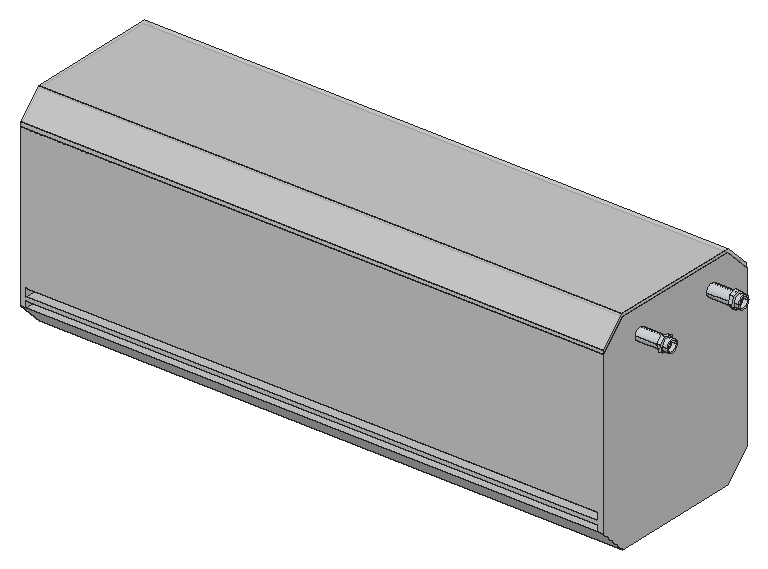
Revit family "Air-Curtain_Climate-Control_PoweredAire_ECE-ST", category Mechanical Equipment, host Face, Revit 2023
Family settings
  Host = Face
  Round Connector Dimension = Use Diameter
  Part Type = Normal
  OmniClass Number = 23.75.35.17.21
  OmniClass Title = Air Curtains
  Cut with Voids When Loaded = No
  Maintain Annotation Orientation = No
  Shared = No
  Room Calculation Point = No
Parameters
  upperrotation [instance] = if(Upper Pipe Connection Side A, 0.00°, 180.00°)  # 0.00°
  lowerrotation [instance] = if(Lower Pipe Connection Side A, 0.00°, 180.00°)  # 0.00°
  locateupperpipe [instance] = if(Upper Pipe Connection Side A, 0.00", Nozzle Width)  # 0.00"
  locatelowerpipe [instance] = if(Lower Pipe Connection Side A, 0.00", Nozzle Width)  # 0.00"
  Upper Pipe Connection Side A [instance] = yes
  Unit Width Notes = "Other Widths available."  # constant formula
  Unit Width = 49.00"
  Unit Weight = 0
  Unit Height = 15.00"
  Unit Depth [instance] = if(Include Filters, 25.875", 23.75")  # 23.75"
  Unit  depth [instance] = 17.50"
  URL = "http://www.poweredaire.com/"
  Specification = ""
  Projection from Host [instance] = 2.00"
  Product Page URL = "https://www.arcat.com/company/powered-aire-inc-47623"
  Power Rating = 0 W
  Piping_Water Flow [instance] = 0 GPM
  Piping_Operating Pressure [instance] = 0.00 psi
  Piping_Exit Temperature [instance] = 0 °F
  Piping_Entry Temperature [instance] = 0 °F
  Pipe OD [instance] = 5/8"
  Nozzle Width = if(1 = 1, Unit Width - 3.00", 0.00")  # 46.00"
  Mounting Width = if(1 = 1, Unit Width - 1.50", 0.00")  # 47.50"
  Mounting Height [instance] = 55.00"
  Motor RPM = 0
  Motor HP = 0
  Motor Count = 0
  Model = "ECE ST"
  Max Height = 0.00"
  Manufacturer = "Powered Aire, Inc"
  Lower Pipe Connection Side A [instance] = yes
  Keynote = "23 34 33"
  Include Filters [instance] = no
  Include Clearance [instance] = yes
  Heating Element Load = 0 W
  HVAC_Temperature Rise [instance] = 0 °F
  HVAC_Outlet Volume [instance] = 0 CFM
  HVAC_Outlet Velocity Uniformity = 0
  HVAC_Outlet Velocity [instance] = 0 FPM
  HVAC_BTU Input = 0.0 Btu/h
  Front Grating Material [instance] = Metal - Steel - PoweredAire - Stainless 304 Perforated
  Frame Finish [instance] = Metal - Steel - PoweredAire - Stainless 304
  Electrical_Wattage [instance] = Power Rating + Heating Element Load  # 0 W
  Electrical_Voltage [instance] = 0 V
  Electrical_Phase [instance] = 1
  Electrical_Frequency [instance] = 0 Hz
  Electrical_Amperage [instance] = 0 A
  Description = ""
  Default Elevation = 0.00"  # constant formula
  Copyright = "©Arcat Inc."
  Clearance_Top [instance] = 20.50"
  Clearance_Side B [instance] = 11.875"
  Clearance_Side A [instance] = 11.875"
  Clearance_Intake [instance] = 8.75"
  Clearance_Bottom [instance] = 12.00"
  Clearance Material [instance] = ARCAT Clearance
  CAD Details = ""
  Assembly Code = "D3090400"
Reference planes (in)
  plane 1 "Center (Elevation)": y = 13.13818
  plane 2: z = 0
  plane 3 "Center (Left/Right)": x = 0
  plane 4 "FF": y = -41.86182
  plane 5: z = 2
  plane 6: x = 24.5
  plane 7: x = -24.5
  plane 8: z = 19.5
  plane 9: z = 17.5
  plane 10: z = 4
  plane 11: z = 11.00407
  plane 12: x = -24
  plane 13: x = 24
  plane 14: y = 20.63818
  plane 15: y = 5.63818
  plane 16: z = 0
Forms (in)
  Extrusion 1, solid, material "Metal - Steel - PoweredAire - Stainless 304" <- "Frame Finish"
    sketch origin (0, 0, 6.73006) x (0, 1, 0) y (0, 0, 1)
      loop
        line (5.63818, -2.73006) -> (7.63818, -4.73006) -> (18.63818, -4.73006) -> (20.63818, -2.73006) -> (20.63818, 10.76994) -> (18.63818, 12.76994) -> (7.63818, 12.76994) -> (5.63818, 10.76994) -> (5.63818, -2.73006)
    from -24.5 to 24.5
  Extrusion 2, void
    sketch origin (0, 0.875, 1) x (0, 1, 0) y (0, 0, 1)
      loop
        line (4.76318, 3) -> (5.76318, 3) -> (5.76318, 4.5) -> (4.76318, 4.5) -> (4.76318, 3.82425) -> (5.61636, 3.82425) -> (5.61636, 3.57425) -> (4.76318, 3.57425) -> (4.76318, 3)
    from -24 to 24
  Extrusion 3, solid
    sketch origin (0, 13.13818, 0) x (1, 0, 0) y (0, 0, 1)
      loop
        line (1.75, 15.38) -> (-1.75, 15.38)
        arc (-1.75, 15.38) -> (-1.92678, 15.30678) -> (-2, 15.13) r 0.25
        line (-2, 15.13) -> (-2, 11.63)
        arc (-2, 11.63) -> (-1.92678, 11.45322) -> (-1.75, 11.38) r 0.25
        line (-1.75, 11.38) -> (1.75, 11.38)
        arc (1.75, 11.38) -> (1.92678, 11.45322) -> (2, 11.63) r 0.25
        line (2, 11.63) -> (2, 15.13)
        arc (2, 15.13) -> (1.92678, 15.30678) -> (1.75, 15.38) r 0.25
    from -9.75 to -7.5
  Extrusion 4, solid, material "Metal - Steel - PoweredAire - Stainless 304 Perforated" <- "Front Grating Material"
    sketch origin (0, 0, 0) x (0, 1, 0) y (0, 0, 1)
      loop
        line (20.63818, 17.5) -> (20.63818, 17.83698) -> (18.73688, 19.73828) -> (7.53948, 19.73828) -> (5.63818, 17.83698) -> (5.63818, 17.5) -> (7.63818, 19.5) -> (18.63818, 19.5) -> (20.63818, 17.5)
    from -24.5 to 24.5
  Extrusion 5, solid
    sketch origin (0, 13.13818, 0) x (1, 0, 0) y (0, 0, 1)
      loop
        circle (1.8, 15.18) r 0.05
      loop
        circle (-1.8, 11.58) r 0.05
    from -9.79 to -9.75
  Extrusion 6, void
    sketch origin (0, 13.13818, 0) x (1, 0, 0) y (0, 0, 1)
      loop
        circle (24, 15.5) r 0.38
      loop
        circle (24, 6) r 0.38
      loop
        circle (-24, 6) r 0.38
      loop
        circle (-24, 15.5) r 0.38
    from -28.84517 to 2.26874
Cuts and joins
  Extrusion 2, Extrusion 6 cuts Extrusion 1
Dimensions and locks (in)
  equal spacing: plane 7, plane 3 "Center (Left/Right)", plane 6
  "Unit Width": plane 7 to plane 6
  locked: plane 7 to plane 12 at 0.5
  locked: plane 13 to plane 6 at 0.5
  equal spacing: plane 15, plane 1 "Center (Elevation)", plane 14
  "Unit Height": plane 15 to plane 14
  plane 14 to plane 1 "Center (Elevation)" to plane 15 = 7.50", 7.50"
  Extrusion 2 sketch curve to Extrusion 2 sketch curve to Extrusion 2 sketch curve to Extrusion 2 sketch curve = 0.67575" locked, 0.25" locked, 0.57425" locked
  locked: Extrusion 2 sketch curve to Extrusion 2 sketch curve at 0.14681
  plane 11 to cut or joined group of Extrusion 1, Extrusion 2, Extrusion 6 = 9.00407"
  locked: plane 14 to Extrusion 3 at 2.25  (x2)
  locked: Extrusion 1 sketch curve to plane 5 at 2  (x2)
  locked: Extrusion 3 sketch curve to Extrusion 3 sketch curve at 4  (x2)
  equal spacing: Extrusion 3 sketch curve, plane 3 "Center (Left/Right)", Extrusion 3 sketch curve
  locked: Extrusion 3 sketch curve to plane 9 at 2.12
  locked: plane 10 to plane 5 at 2
  locked: plane 14 to Extrusion 1 sketch curve at 2
  locked: Extrusion 1 sketch curve to plane 15 at 2
  locked: plane 8 to plane 9 at 2
  "Unit  depth": plane 8 to plane 5
  "Projection from Host": plane 5 to plane 16
  locked: Extrusion 4 sketch curve to cut or joined group of Extrusion 1, Extrusion 2, Extrusion 6 at 0.23828  (x3)
  locked: Extrusion 5 to Extrusion 3 at 0.04
  locked: nested 1 to plane 15 at 3.75027
  locked: nested 2 to plane 14 at 3.75027
  "Mounting Height": plane 1 "Center (Elevation)" to plane 4 "FF"
  aligned and locked: plane 2 to host face
  aligned and locked: level to host face
  aligned and locked: plane 10 to cut or joined group of Extrusion 1, Extrusion 2, Extrusion 6
  aligned and locked: cut or joined group of Extrusion 1, Extrusion 2, Extrusion 6 to plane 10  (x2)
  aligned and locked: plane 8 to cut or joined group of Extrusion 1, Extrusion 2, Extrusion 6
  aligned and locked: plane 9 to cut or joined group of Extrusion 1, Extrusion 2, Extrusion 6
  aligned and locked: cut or joined group of Extrusion 1, Extrusion 2, Extrusion 6 to plane 8
  aligned and locked: cut or joined group of Extrusion 1, Extrusion 2, Extrusion 6 to plane 5
  aligned and locked: host face to plane 16
  aligned and locked: cut or joined group of Extrusion 1, Extrusion 2, Extrusion 6 to plane 7
  aligned and locked: plane 6 to cut or joined group of Extrusion 1, Extrusion 2, Extrusion 6
  aligned and locked: cut or joined group of Extrusion 1, Extrusion 2, Extrusion 6 to plane 12
  aligned and locked: plane 13 to cut or joined group of Extrusion 1, Extrusion 2, Extrusion 6
  aligned and locked: Extrusion 4 sketch curve to plane 8
  aligned and locked: Extrusion 4 to cut or joined group of Extrusion 1, Extrusion 2, Extrusion 6  (x5)
  aligned and locked: plane 14 to Extrusion 3
  aligned and locked: Extrusion 5 to Extrusion 3
  aligned and locked: nested 1 to plane 6
Automatic sketch dimensions
  host sketch curve to host sketch curve = 96.00"  (x2)
  Extrusion 1 sketch curve to plane 15 = 0.00"
  plane 8 to Extrusion 1 sketch curve = 0.00"
  Extrusion 1 sketch curve to plane 5 = 0.00"
  Extrusion 1 sketch curve to plane 9 = 0.00"  (x2)
  plane 15 to Extrusion 1 sketch curve = 2.00"
  plane 14 to Extrusion 1 sketch curve = 2.00"
  plane 10 to Extrusion 2 sketch curve = 0.00"
  Extrusion 2 sketch curve to plane 15 = 0.00"  (x2)
  Extrusion 2 sketch curve to Extrusion 2 sketch curve = 0.85319"
  Extrusion 1 sketch curve to plane 14 = 0.00"
  Extrusion 4 sketch curve to plane 9 = 0.00"  (x2)
  Extrusion 4 sketch curve to plane 14 = 0.00"
  Extrusion 4 sketch curve to Extrusion 4 sketch curve = 0.0987"  (x2)
  Extrusion 4 sketch curve to plane 15 = 0.00"
  Extrusion 3 sketch curve to Extrusion 3 sketch curve = 0.25"  (x4)
  plane 11 to Extrusion 5 sketch curve = 0.57593"
  Extrusion 5 sketch curve to plane 3 "Center (Left/Right)" = 1.80"
  Extrusion 5 sketch curve to plane 9 = 2.32"
  plane 3 "Center (Left/Right)" to Extrusion 5 sketch curve = 1.80"
  Extrusion 6 sketch curve to plane 12 = 0.00"  (x2)
  Extrusion 6 sketch curve to plane 13 = 0.00"  (x2)
  Extrusion 6 sketch curve to plane 10 = 2.00"  (x2)
  Extrusion 6 sketch curve to plane 9 = 2.00"  (x2)
  radius of Extrusion 5 sketch curve = 0.05"  (x2)
  radius of Extrusion 6 sketch curve = 0.38"  (x4)
Nested families (in)
  nested 1: "Valve" at (24.5, 9.38845, 30.15595) x (0, 1, 0) z (1, 0, 0), type "Valve"
    with upperpiperotation 0.00°, lowerpiperotation 0.00°, locateupperpipe 0.00", locatelowerpipe 0.00", Upper Pipe Connection Side A yes, Projection from Host 4.00", Piping_Water Flow 0 GPM, Piping_Operating Pressure 0.00 psi, Piping_Exit Temperature 0 °F, Piping_Entry Temperature 0 °F, Pipe OD 5/8", Mounting Height 42.00", Lower Pipe Connection Side A yes, Include Clearance yes, Front Grating Material Metal - Steel - PoweredAire - White Perforated, Frame Finish Metal - Steel - PoweredAire - Stainless 304, Electrical_Wattage 0 W, Electrical_Voltage 0 V, Electrical_Phase 1, Electrical_Frequency 0 Hz, Electrical_Amperage 0 A, Cover Finish Metal - Steel - PoweredAire - White, Clearance_Top 0.00", Clearance_Side B 0.00", Clearance_Side A 0.00", Clearance_Intake 0.00", Clearance_Front 43.00", Clearance Material ARCAT Clearance
  nested 2: "Valve" at (24.5, 16.88791, 30.15595) x (0, -1, 0) z (1, 0, 0), type "Valve"
    with upperpiperotation 0.00°, lowerpiperotation 0.00°, locateupperpipe 0.00", locatelowerpipe 0.00", Upper Pipe Connection Side A yes, Projection from Host 4.00", Piping_Water Flow 0 GPM, Piping_Operating Pressure 0.00 psi, Piping_Exit Temperature 0 °F, Piping_Entry Temperature 0 °F, Pipe OD 5/8", Mounting Height 42.00", Lower Pipe Connection Side A yes, Include Clearance yes, Front Grating Material Metal - Steel - PoweredAire - White Perforated, Frame Finish Metal - Steel - PoweredAire - Stainless 304, Electrical_Wattage 0 W, Electrical_Voltage 0 V, Electrical_Phase 1, Electrical_Frequency 0 Hz, Electrical_Amperage 0 A, Cover Finish Metal - Steel - PoweredAire - White, Clearance_Top 0.00", Clearance_Side B 0.00", Clearance_Side A 0.00", Clearance_Intake 0.00", Clearance_Front 43.00", Clearance Material ARCAT Clearance
Definition of nested family "Valve"
  Parameters (values of type "Valve")
    upperpiperotation [instance] = if(Upper Pipe Connection Side A, 0.00°, 180.00°)  # 0.00°
    lowerpiperotation [instance] = if(Lower Pipe Connection Side A, 0.00°, 180.00°)  # 0.00°
    locateupperpipe [instance] = if(Upper Pipe Connection Side A, 0.00", Nozzle Width)  # 0.00"
    locatelowerpipe [instance] = if(Lower Pipe Connection Side A, 0.00", Nozzle Width)  # 0.00"
    Upper Pipe Connection Side A [instance] = yes
    Unit Width Notes = "Other Widths available."  # constant formula
    Unit Width = 73.00"
    Unit Weight = 0
    Unit Height = 15.00"
    Unit Depth = 17.00"
    URL = "http://www.poweredaire.com/"
    Specification = ""
    Projection from Host [instance] = 4.00"
    Product Page URL = "https://www.arcat.com/company/powered-aire-inc-47623"
    Power Rating = 0 W
    Piping_Water Flow [instance] = 0 GPM
    Piping_Operating Pressure [instance] = 0.00 psi
    Piping_Exit Temperature [instance] = 0 °F
    Piping_Entry Temperature [instance] = 0 °F
    Pipe OD [instance] = 5/8"
    Nozzle Width = if(1 = 1, Unit Width - 3.00", 0.00")  # 70.00"
    Mounting Width = if(1 = 1, Unit Width - 1.50", 0.00")  # 71.50"
    Mounting Height [instance] = 42.00"
    Motor RPM = 0
    Motor HP = 0
    Motor Count = 0
    Model = "CLD CHD HW ST"
    Max Height = 0.00"
    Manufacturer = "Powered Aire, Inc"
    Lower Pipe Connection Side A [instance] = yes
    Keynote = "23 34 33"
    Junction Height = 1.77"
    Include Clearance [instance] = yes
    Heating Element Load = 0 W
    HVAC_Temperature Rise = 0 °F
    HVAC_Outlet Volume = 0 CFM
    HVAC_Outlet Velocity Uniformity = 0
    HVAC_Outlet Velocity = 0 FPM
    HVAC_BTU Input = 0.0 Btu/h
    Front Grating Material [instance] = none
    Frame Finish [instance] = none
    Electrical_Wattage [instance] = Power Rating + Heating Element Load  # 0 W
    Electrical_Voltage [instance] = 0 V
    Electrical_Phase [instance] = 1
    Electrical_Frequency [instance] = 0 Hz
    Electrical_Amperage [instance] = 0 A
    Description = ""
    Default Elevation = 0.00"  # constant formula
    Cover Finish [instance] = none
    Copyright = "©Arcat Inc."
    Clearance_Top [instance] = 0.00"
    Clearance_Side B [instance] = 0.00"
    Clearance_Side A [instance] = 0.00"
    Clearance_Intake [instance] = 0.00"
    Clearance_Front [instance] = 43.00"
    Clearance Material [instance] = none
    CAD Details = ""
    Assembly Code = "D3090400"
  Reference planes (in)
    plane 1 "Center (Elevation)": y = -12.65595
    plane 2: z = 0
    plane 3 "Center (Left/Right)": x = 0
  Forms (in)
    Extrusion 1, solid
      sketch origin (0, 0, 0) x (1, 0, 0) y (0, 1, 0)
        loop
          line (-60, 48) -> (-60, -48) -> (63.22671, -48) -> (63.22671, 48) -> (-60, 48)
      from 0 to -12
    Extrusion 2, solid
      sketch origin (0, 0, 0) x (1, 0, 0) y (0, 1, 0)
        loop
          circle (0, -12.65595) r 0.45
        loop
          circle (0, -12.65595) r 0.5
      from 0 to 2.75
    Extrusion 3, solid
      sketch origin (0, 0, 0) x (1, 0, 0) y (0, 1, 0)
        loop
          line (0.64691, -12.82929) -> (0.47357, -12.18238) -> (-0.17334, -12.00904) -> (-0.64691, -12.48261) -> (-0.47357, -13.12952) -> (0.17334, -13.30286) -> (0.64691, -12.82929)
        loop
          circle (0, -12.65595) r 0.5
      from 1.99342 to 2.31497
  Dimensions and locks (in)
    aligned and locked: plane 2 to Extrusion 1
    aligned and locked: level to Extrusion 1
